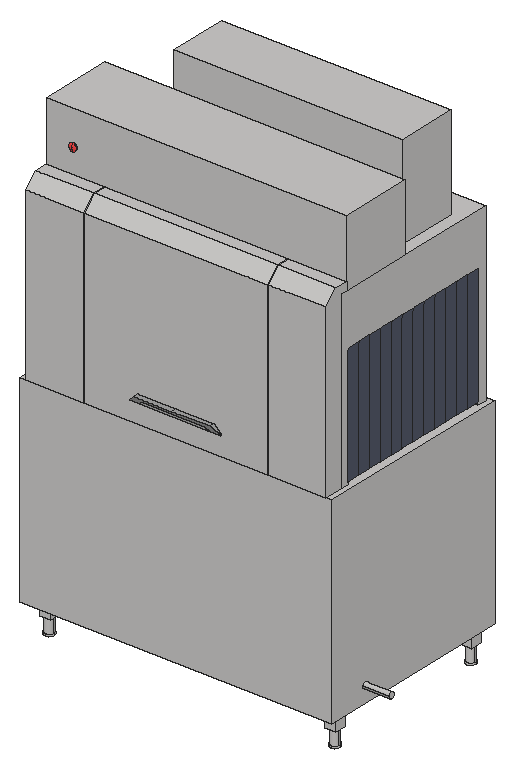
Revit family "QF_ELECTROLUXPROFESSIONAL_520615_ESR20EL3", category Specialty Equipment, Revit 2018
Family settings
  Round Connector Dimension = Use Diameter
  Part Type = Normal
  Work Plane-Based = No
  Always vertical = Yes
  Cut with Voids When Loaded = No
  Shared = No
  Room Calculation Point = No
Parameters (values of type "Standard")
  Weight = 258.00 kg
  Watts = 0 W
  Volts = 220 V
  URL Manufacturer = "http://professional.electrolux.com"
  URL = "http://professional.electrolux.com"
  Steam Supply Size = 0 mm
  Steam Supply Minimum Pressure = 0.0 Pa
  Steam Supply Maximum Pressure = 0.0 Pa
  Steam Pounds per Hour = 0
  Show Clearance [instance] = yes
  Refrigeration Suction Line Size = 0 mm
  Refrigeration Liquid Line Size = 0 mm
  Refrigerant Compressor Remote = yes
  Manufacturer = "Electrolux Professional"
  Phase = 3
  Model = "ESR20EL3"
  Length Actual = 1148 mm  # constant formula
  L_R [instance] = yes
  Item Number = "520615"
  Hot Water Size = 0 mm
  Height Actual = 1846 mm  # constant formula
  HP = "37.5 HP"
  Gas Size = 0 mm
  Gas KW = 0
  Gas Input Pressure = 0 W
  Direct Waste Size = 50.8 mm
  Description = "SINGLE RINSE RACK TYPE DISHWASHER,200 RACKS/HOUR,ELECTRIC,L>R,220-240V/60HZ/3"
  Depth Actual = 800 mm  # constant formula
  Cycle = 60 Hz
  Condensate Return Size = 0 mm
  Compressed Air Volume = 0.0 L/s
  Compressed Air Size = 0 mm
  Compressed Air Pressure = 0.0 Pa
  Cold Water Size = 0 mm
  Accessory = yes
Types (2, lengths in mm): name | URL | Manufacturer | Phase | Model | Description
  (no name) | 0 | 0 | 0 | 0 | 0
  Standard | "http://professional.electrolux.com" | "Electrolux Professional" | 3 | "ESR20EL3" | "SINGLE RINSE RACK TYPE DISHWASHER,200 RACKS/HOUR,ELECTRIC,L>R,220-240V/60HZ/3"
Values of the unnamed type that differ from the named types
  Volts = 0 V
  URL Manufacturer = ""
  Item Number = ""
  Cycle = 0 Hz
Reference planes
  plane 1 "Centro (Fronte/Retro)": y = 0
  plane 2: z = 0
  plane 3 "Centro (Sinistra/Destra)": x = 0
  plane 4 "LEFT": x = -574
  plane 5 "RIGHT": x = 574
  plane 6 "BACK": y = 384
  plane 7 "FRONT": y = -384
  plane 8: z = 120
  plane 9: z = 1747
  plane 10: z = 858
  plane 11: z = 1501
  plane 12: z = 1846
  plane 13: x = -526
  plane 14: x = 526
  plane 15: y = -290
  plane 16: y = 336
  plane 17: y = 369
  plane 18: x = -553
  plane 19: x = 553
  plane 20: y = -318
  plane 21: x = -338
  plane 22: x = 338
  plane 23: z = 1308
  plane 24: z = 2000
  plane 25: y = 464
Forms (mm)
  Extrusion 1, solid, material "QF_Finishes_Stainless Steel"
    sketch origin (0, 0, 0) x (1, 0, 0) y (0, 1, 0)
      loop
        line (-574, 384) -> (-574, -364) -> (574, -364) -> (574, 384) -> (-574, 384)
    from 120 to 858
  Extrusion 2, solid, material "QF_Finishes_Stainless Steel"
    sketch origin (0, 0, 0) x (1, 0, 0) y (0, 1, 0)
      loop
        line (-553, 369) -> (-553, -298) -> (553, -298) -> (553, 369) -> (-553, 369)
    from 858 to 1501
  Extrusion 3, solid, material "QF_Finishes_Stainless Steel"
    sketch origin (0, 20, 0) x (0, 1, 0) y (0, 0, 1)
      loop
        line (-384, 858) -> (-318, 858) -> (-318, 1501) -> (-290, 1501) -> (-290, 1531) -> (-340, 1531) -> (-384, 1487) -> (-384, 858)
    from -553 to -338
  Extrusion 4, solid, material "QF_Finishes_Stainless Steel"
    sketch origin (500, 20, 0) x (0, 1, 0) y (0, 0, 1)
      loop
        line (-384, 858) -> (-318, 858) -> (-318, 1501) -> (-290, 1501) -> (-290, 1531) -> (-340, 1531) -> (-384, 1487) -> (-384, 858)
    from -162 to 53
  Extrusion 5, solid, material "QF_Finishes_Stainless Steel"
    sketch origin (540, 20, 0) x (0, 1, 0) y (0, 0, 1)
      loop
        line (-384, 858) -> (-318, 858) -> (-318, 1501) -> (-290, 1501) -> (-290, 1531) -> (-340, 1531) -> (-384, 1487) -> (-384, 858)
    from -878 to -202
  Extrusion 6, solid, material "QF_Finishes_Gray"
    sketch origin (540, -364, 858) x (0, 0, 1) y (-1, 0, 0)
      loop
        line (100, 540) -> (100, 680) -> (71.716, 708.284) -> (71.716, 371.716) -> (100, 400) -> (100, 540)
    from 0 to 20
  Extrusion 7, void
    sketch origin (540, -384, 858) x (0, 0, -1) y (-1, 0, 0)
      loop
        line (-71.716, 670) -> (-85.858, 655.858) -> (-85.858, 540) -> (-85.858, 424.142) -> (-71.716, 410) -> (-71.716, 670)
    from 0 to 15.552
  Extrusion 8, void
    sketch origin (0, 0, 0) x (0, 1, 0) y (0, 0, 1)
      loop
        line (-368.448, 929.716) -> (-384, 958) -> (-384, 929.716) -> (-368.448, 929.716)
    from -266.002 to 250
  Extrusion 9, solid, material "QF_Finishes_Stainless Steel"
    sketch origin (0, 0, 0) x (1, 0, 0) y (0, 1, 0)
      loop
        line (-553, -270) -> (553, -270) -> (553, 0) -> (-553, 0) -> (-553, -270)
    from 1501 to 1747
  Revolve 10, solid, material "QF_Finishes_Red"
    sketch origin (-450, 0, 0) x (0, 1, 0) y (0, 0, 1)
      loop
        line (-270, 1624.5) -> (-270, 1629.5) -> (-275.578, 1629.5) -> (-275.578, 1638.673) -> (-276.708, 1638.673)
        arc (-276.708, 1638.673) -> (-279.647, 1631.859) -> (-280.606, 1624.5) r 26.817
        line (-280.606, 1624.5) -> (-270, 1624.5)
      axis (-270, 1624.5) -> (-280.606, 1624.5)
    angle from 0 to 360
  Extrusion 11, solid, material "QF_Finishes_Stainless Steel"
    sketch origin (0, 0, 0) x (1, 0, 0) y (0, 1, 0)
      loop
        line (509, 42) -> (509, 265) -> (-334, 265) -> (-334, 42) -> (509, 42)
    from 1501 to 1846
  Extrusion 12, void
    sketch origin (-553, -318, 0) x (0, -1, 0) y (0, 0, -1)
      loop
        line (-654, -1308) -> (-53, -1308) -> (-53, -858) -> (-654, -858) -> (-654, -1308)
    from 0 to 1106
  Extrusion 13, solid, material "QF_Finishes_Navy Blue"
    sketch origin (-553, -318, 0) x (0, 1, 0) y (0, 0, -1)
      loop
        line (653, -1308) -> (653, -868) -> (604, -868) -> (604, -1308) -> (653, -1308)
      loop
        line (53, -1308) -> (102, -1308) -> (102, -868) -> (53, -868) -> (53, -1308)
      loop
        line (602, -868) -> (554, -868) -> (554, -1308) -> (602, -1308) -> (602, -868)
      loop
        line (552, -868) -> (504, -868) -> (504, -1308) -> (552, -1308) -> (552, -868)
      loop
        line (502, -868) -> (454, -868) -> (454, -1308) -> (502, -1308) -> (502, -868)
      loop
        line (452, -868) -> (404, -868) -> (404, -1308) -> (452, -1308) -> (452, -868)
      loop
        line (402, -868) -> (354, -868) -> (354, -1308) -> (402, -1308) -> (402, -868)
      loop
        line (352, -868) -> (304, -868) -> (304, -1308) -> (352, -1308) -> (352, -868)
      loop
        line (302, -868) -> (254, -868) -> (254, -1308) -> (302, -1308) -> (302, -868)
      loop
        line (252, -868) -> (204, -868) -> (204, -1308) -> (252, -1308) -> (252, -868)
      loop
        line (202, -868) -> (154, -868) -> (154, -1308) -> (202, -1308) -> (202, -868)
      loop
        line (152, -868) -> (104, -868) -> (104, -1308) -> (152, -1308) -> (152, -868)
    from 0 to -3
  Extrusion 14, solid, material "QF_Finishes_Navy Blue"
    sketch origin (553, -318, 0) x (0, 1, 0) y (0, 0, 1)
      loop
        line (653, 1308) -> (604, 1308) -> (604, 868) -> (653, 868) -> (653, 1308)
      loop
        line (53, 1308) -> (53, 868) -> (102, 868) -> (102, 1308) -> (53, 1308)
      loop
        line (602, 868) -> (602, 1308) -> (554, 1308) -> (554, 868) -> (602, 868)
      loop
        line (552, 868) -> (552, 1308) -> (504, 1308) -> (504, 868) -> (552, 868)
      loop
        line (502, 868) -> (502, 1308) -> (454, 1308) -> (454, 868) -> (502, 868)
      loop
        line (452, 868) -> (452, 1308) -> (404, 1308) -> (404, 868) -> (452, 868)
      loop
        line (402, 868) -> (402, 1308) -> (354, 1308) -> (354, 868) -> (402, 868)
      loop
        line (352, 868) -> (352, 1308) -> (304, 1308) -> (304, 868) -> (352, 868)
      loop
        line (302, 868) -> (302, 1308) -> (254, 1308) -> (254, 868) -> (302, 868)
      loop
        line (252, 868) -> (252, 1308) -> (204, 1308) -> (204, 868) -> (252, 868)
      loop
        line (202, 868) -> (202, 1308) -> (154, 1308) -> (154, 868) -> (202, 868)
      loop
        line (152, 868) -> (152, 1308) -> (104, 1308) -> (104, 868) -> (152, 868)
    from 0 to -3
  Extrusion 15, solid, material "QF_Door-Drawer Clearances", visible <- "Show Clearance", detail levels coarse
    sketch origin (453, -119.301, 494.86) x (0, 1, 0) y (0, 0, 1)
      loop
        line (-178.699, 1036.14) -> (-178.699, 1475.14) -> (-150.699, 1475.14) -> (-150.699, 1505.14) -> (-200.699, 1505.14) -> (-244.699, 1461.14) -> (-244.699, 992.14) -> (-200.699, 1036.14) -> (-178.699, 1036.14)
    from -791 to -115
  Extrusion 16, solid, material "QF_Clearance", visible <- "Show Clearance", detail levels coarse
    sketch origin (0, 0, 0) x (1, 0, 0) y (0, 1, 0)
      loop
        line (-574, 384) -> (574, 384) -> (574, 464) -> (-574, 464) -> (-574, 384)
    from 0 to 1846
  Extrusion 17, solid, material "QF_Finishes_Stainless Steel"
    sketch origin (-553, -318, 0) x (0, 1, 0) y (0, 0, -1)
      loop
        circle (104, -183) r 10
    from 21 to 121
  Extrusion 18, solid, material "QF_Finishes_Stainless Steel"
    sketch origin (553, -318, 0) x (0, 1, 0) y (0, 0, 1)
      loop
        circle (104, 183) r 10
    from 21 to 121
  Extrusion 19, solid, material "QF_Finishes_Stainless Steel"
    sketch origin (487.887, 0, -4.4) x (-1, 0, 0) y (0, 0, 1)
      loop
        circle (943.887, 1646.362) r 10
    from 0 to 35
  Extrusion 20, solid, material "QF_Finishes_Stainless Steel"
    sketch origin (-335, 265, 6.038) x (1, 0, 0) y (0, 0, -1)
      loop
        circle (204, -1740.962) r 10
    from 0 to 10
Cuts and joins
  Extrusion 7, Extrusion 12 cuts Extrusion 2
  Extrusion 7 cuts Extrusion 5
  Extrusion 7, Extrusion 8 cuts Extrusion 6
  Extrusion 12 cuts Extrusion 1
Lines and regions (mm)
  Split face 1
    outline origin (-553, -270, 0) x (1, 0, 0) y (0, 0, 1)
      loop
        line (215, 1501) -> (215, 1747)
      loop
        line (891, 1501) -> (891, 1747)
  Split face 2
    outline origin (-553, -270, 0) x (1, 0, 0) y (0, 0, 1)
      loop
        line (215, 1651) -> (310, 1651) -> (348.837, 1604.716) -> (553, 1604.716) -> (757.163, 1604.716) -> (796, 1651) -> (891, 1651)
  Split face 3
    outline origin (-553, -270, 0) x (1, 0, 0) y (0, 0, 1)
      loop
        line (482.982, 1651) -> (482.982, 1631) -> (512.982, 1631) -> (512.982, 1651) -> (482.982, 1651)
  Split face 4
    outline origin (553, -270, 0) x (-1, 0, 0) y (0, 0, -1)
      loop
        line (455.982, -1651) -> (485.982, -1651) -> (485.982, -1631) -> (455.982, -1631) -> (455.982, -1651)
  symbolic lines
    curve 1: line (-334, 265, 0) -> (509, 265, 0)
    curve 2: line (-334, 42, 0) -> (-334, 265, 0)
    curve 3: line (509, 42, 0) -> (-334, 42, 0)
    curve 4: line (509, 265, 0) -> (509, 42, 0)
    curve 5: line (-574, 384, 0) -> (574, 384, 0)
    curve 6: line (574, 384, 0) -> (574, -364, 0)
    curve 7: line (574, -364, 0) -> (-574, -364, 0)
    curve 8: line (-574, -364, 0) -> (-574, 384, 0)
    curve 9: line (-553, -364, 0) -> (-553, 369, 0)
    curve 10: line (-553, 369, 0) -> (553, 369, 0)
    curve 11: line (553, 369, 0) -> (553, -364, 0)
    curve 12: line (553, -320, 0) -> (-553, -320, 0)
    curve 13: line (-338, -364, 0) -> (-338, -270, 0)
    curve 14: line (-553, -270, 0) -> (553, -270, 0)
    curve 15: line (338, -364, 0) -> (338, -270, 0)
    curve 16: line (526, 0, 0) -> (-553, 0, 0)
    curve 23: line (-168.284, -364, 0) -> (-168.284, -368.448, 0)
    curve 24: line (-168.284, -368.448, 0) -> (-140, -384, 0)
    curve 25: line (-140, -384, 0) -> (140, -384, 0)
    curve 26: line (140, -384, 0) -> (168.284, -368.448, 0)
    curve 27: line (168.284, -368.448, 0) -> (168.284, -364, 0)
  symbolic lines, style "QF_Clearances"
    curve 17: line (-574, 384, 0) -> (-574, 464, 0)
    curve 18: line (-574, 464, 0) -> (574, 464, 0)
    curve 19: line (574, 384, 0) -> (574, 464, 0)
  symbolic lines, style "SpecialityEquipment"
    curve 20: line (100, 129, 0) -> (-100, 129, 0)
  symbolic lines, style "SpecialityEquipment", visible <- "L_R"
    curve 21: line (100, 129, 0) -> (50.207, 87.219, 0)
    curve 22: line (100, 129, 0) -> (50.207, 170.781, 0)
Dimensions and locks
  equal spacing: plane 4 "LEFT", plane 3 "Centro (Sinistra/Destra)", plane 5 "RIGHT"
  plane 4 "LEFT" to plane 5 "RIGHT" = 1148 mm
  equal spacing: plane 6 "BACK", plane 1 "Centro (Fronte/Retro)", plane 7 "FRONT"
  plane 6 "BACK" to plane 7 "FRONT" = 768 mm
  plane 12 to plane 9 to plane 11 to plane 10 to plane 8 to plane 2 = 99 mm, 246 mm, 643 mm, 738 mm, 120 mm
  plane 12 to plane 2 = 1846 mm
  locked: plane 4 "LEFT" to plane 13 at 48
  locked: plane 14 to plane 5 "RIGHT" at 48
  locked: plane 6 "BACK" to plane 16 at 48
  locked: plane 15 to plane 7 "FRONT" at 94
  locked: plane 6 "BACK" to plane 17 at 15
  locked: plane 4 "LEFT" to plane 18 at 21
  locked: plane 19 to plane 5 "RIGHT" at 21
  locked: plane 20 to plane 7 "FRONT" at 66
  locked: plane 21 to plane 18 at 215
  locked: plane 19 to plane 22 at 215
  locked: plane 23 to plane 10 at 450
  plane 24 to plane 2 = 2000 mm
  locked: plane 6 "BACK" to plane 25 at 80
  plane 9 to plane 2 = 1747 mm
  aligned and locked: level to plane 2
  aligned and locked: plane 13 to nested 1
  aligned and locked: nested 1 to plane 15
  aligned and locked: nested 2 to plane 16
  aligned and locked: plane 14 to nested 3
  aligned and locked: nested 4 to plane 16
  aligned and locked: plane 14 to nested 4
  aligned and locked: Extrusion 1 sketch curve to plane 6 "BACK"
  aligned and locked: plane 4 "LEFT" to Extrusion 1 sketch curve
  aligned and locked: Extrusion 1 sketch curve to plane 5 "RIGHT"
  aligned and locked: plane 18 to Extrusion 2 sketch curve
  aligned and locked: Extrusion 2 sketch curve to plane 19
  aligned and locked: Extrusion 2 sketch curve to plane 17
  aligned and locked: Extrusion 3 to plane 18
  aligned and locked: plane 21 to Extrusion 3
  aligned and locked: plane 19 to Extrusion 4
  aligned and locked: Extrusion 4 to plane 22
  aligned and locked: Extrusion 5 to plane 21
  aligned and locked: plane 22 to Extrusion 5
  aligned and locked: Extrusion 2 to Extrusion 3
  aligned and locked: Extrusion 1 to Extrusion 3
  aligned and locked: Extrusion 9 sketch curve to Extrusion 3
  aligned and locked: Extrusion 9 sketch curve to plane 18
  aligned and locked: Extrusion 9 sketch curve to plane 1 "Centro (Fronte/Retro)"
  aligned and locked: plane 19 to Extrusion 12
  aligned and locked: plane 4 "LEFT" to Extrusion 17
  aligned and locked: plane 19 to Extrusion 9
  aligned and locked: Extrusion 16 to plane 25
  aligned and locked: plane 9 to Extrusion 9
Automatic sketch dimensions
  Extrusion 6 sketch curve to plane 3 "Centro (Sinistra/Destra)" = 0 mm
  plane 10 to Extrusion 6 sketch curve = 71.716 mm
  Extrusion 6 sketch curve to Extrusion 6 sketch curve = 28.284 mm  (x3)
  plane 3 "Centro (Sinistra/Destra)" to Extrusion 6 sketch curve = 140 mm
  Extrusion 6 sketch curve to Extrusion 6 sketch curve = 140 mm
  Extrusion 7 sketch curve to Extrusion 6 = 0 mm
  Extrusion 6 to Extrusion 7 sketch curve = 14.142 mm
  Extrusion 6 to Extrusion 7 sketch curve = 27.071 mm
  Extrusion 7 sketch curve to Extrusion 7 sketch curve = 14.142 mm  (x2)
  Extrusion 7 sketch curve to Extrusion 7 sketch curve = 115.858 mm  (x2)
  Split face 2 sketch curve to Split face 2 sketch curve = 38.837 mm  (x2)
  Split face 2 sketch curve to Split face 2 sketch curve = 204.163 mm  (x2)
  Split face 2 sketch curve to Split face 2 sketch curve = 95 mm  (x2)
  Split face 3 sketch curve to Split face 3 sketch curve = 30 mm
  Split face 3 sketch curve to Split face 3 sketch curve = 20 mm
  Split face 4 sketch curve to Split face 4 sketch curve = 30 mm
  Split face 4 sketch curve to Split face 4 sketch curve = 20 mm
  Split face 1 sketch curve to Split face 1 sketch curve = 676 mm
  Split face 1 sketch curve to Split face 1 sketch curve = 0 mm
  Split face 1 sketch curve to Split face 1 sketch curve = 246 mm  (x2)
  Split face 2 sketch curve to Split face 2 sketch curve = 46.284 mm  (x2)
  plane 13 to Extrusion 19 sketch curve = 70 mm
  Extrusion 19 sketch curve to plane 9 = 105.038 mm
  plane 7 "FRONT" to Extrusion 1 sketch curve = 20 mm
  Extrusion 2 sketch curve to plane 15 = 8 mm
  Extrusion 3 sketch curve to plane 10 = 0 mm
  Extrusion 3 sketch curve to plane 11 = 0 mm
  plane 7 "FRONT" to Extrusion 3 sketch curve = 20 mm
  Extrusion 3 sketch curve to plane 20 = 2 mm
  Extrusion 3 sketch curve to plane 15 = 8 mm
  plane 15 to Extrusion 3 sketch curve = 20 mm
  Extrusion 3 sketch curve to plane 11 = 14 mm
  plane 11 to Extrusion 3 sketch curve = 30 mm
  Extrusion 4 sketch curve to plane 10 = 0 mm
  Extrusion 4 sketch curve to plane 11 = 0 mm
  plane 7 "FRONT" to Extrusion 4 sketch curve = 20 mm
  Extrusion 4 sketch curve to plane 20 = 2 mm
  Extrusion 4 sketch curve to plane 15 = 8 mm
  plane 15 to Extrusion 4 sketch curve = 20 mm
  Extrusion 4 sketch curve to plane 11 = 14 mm
  plane 11 to Extrusion 4 sketch curve = 30 mm
  Extrusion 5 sketch curve to plane 10 = 0 mm
  Extrusion 5 sketch curve to plane 11 = 0 mm
  plane 7 "FRONT" to Extrusion 5 sketch curve = 20 mm
  Extrusion 5 sketch curve to plane 20 = 2 mm
  Extrusion 5 sketch curve to plane 15 = 8 mm
  plane 15 to Extrusion 5 sketch curve = 20 mm
  Extrusion 5 sketch curve to plane 11 = 14 mm
  plane 11 to Extrusion 5 sketch curve = 30 mm
  Extrusion 8 sketch curve to plane 7 "FRONT" = 0 mm
  plane 7 "FRONT" to Extrusion 8 sketch curve = 15.552 mm
  plane 10 to Extrusion 8 sketch curve = 71.716 mm
  Extrusion 8 sketch curve to Extrusion 8 sketch curve = 28.284 mm
  Extrusion 9 sketch curve to plane 19 = 0 mm
  plane 15 to Revolve 10 sketch curve = 9.394 mm
  plane 15 to Revolve 10 sketch curve = 13.292 mm
  Revolve 10 sketch curve to Revolve 10 sketch curve = 5.028 mm
  Revolve 10 sketch curve to Revolve 10 sketch curve = 5.578 mm
  Revolve 10 sketch curve to Revolve 10 sketch curve = 16.21 mm
  Revolve 10 sketch curve to plane 9 = 122.5 mm  (x2)
  Revolve 10 sketch curve to Revolve 10 sketch curve = 0.248 mm
  Revolve 10 sketch curve to Revolve 10 sketch curve = 5 mm
  Revolve 10 sketch curve to plane 7 "FRONT" = 66 mm
  Revolve 10 sketch curve to Revolve 10 sketch curve = 0 mm
  plane 21 to Extrusion 11 sketch curve = 4 mm
  Extrusion 11 sketch curve to plane 14 = 17 mm
  Extrusion 11 sketch curve to plane 1 "Centro (Fronte/Retro)" = 42 mm
  Extrusion 11 sketch curve to plane 16 = 71 mm
  Extrusion 2 to Extrusion 12 sketch curve = 0 mm
  Extrusion 12 sketch curve to Extrusion 2 = 33 mm
  Extrusion 2 to Extrusion 12 sketch curve = 33 mm
  Extrusion 12 sketch curve to Extrusion 2 = 193 mm
  Extrusion 2 to Extrusion 13 sketch curve = 10 mm  (x9)
  Extrusion 13 sketch curve to Extrusion 2 = 33 mm
  Extrusion 13 sketch curve to Extrusion 13 sketch curve = 49 mm
  Extrusion 13 sketch curve to Extrusion 13 sketch curve = 2 mm  (x11)
  Extrusion 13 sketch curve to Extrusion 13 sketch curve = 48 mm  (x10)
  Extrusion 2 to Extrusion 13 sketch curve = 34 mm
  Extrusion 13 sketch curve to Extrusion 13 sketch curve = 0 mm  (x13)
  Extrusion 2 to Extrusion 13 sketch curve = 193 mm  (x2)
  Extrusion 14 sketch curve to plane 23 = 0 mm  (x12)
  plane 10 to Extrusion 14 sketch curve = 10 mm  (x9)
  plane 15 to Extrusion 14 sketch curve = 25 mm
  Extrusion 14 sketch curve to Extrusion 14 sketch curve = 49 mm
  Extrusion 14 sketch curve to Extrusion 14 sketch curve = 2 mm  (x11)
  Extrusion 14 sketch curve to Extrusion 14 sketch curve = 48 mm  (x8)
  plane 1 "Centro (Fronte/Retro)" to Extrusion 14 sketch curve = 16 mm
  Extrusion 14 sketch curve to plane 1 "Centro (Fronte/Retro)" = 34 mm
  Extrusion 14 sketch curve to plane 16 = 1 mm
  Extrusion 14 sketch curve to Extrusion 14 sketch curve = 0 mm  (x3)
  Extrusion 15 sketch curve to plane 24 = 0 mm
  plane 7 "FRONT" to Extrusion 15 sketch curve = 20 mm
  Extrusion 15 sketch curve to plane 20 = 2 mm  (x2)
  Extrusion 15 sketch curve to plane 15 = 8 mm
  plane 15 to Extrusion 15 sketch curve = 20 mm
  Extrusion 15 sketch curve to plane 24 = 30 mm
  Extrusion 15 sketch curve to plane 24 = 44 mm
  plane 11 to Extrusion 15 sketch curve = 30 mm
  Extrusion 15 sketch curve to plane 11 = 14 mm
  Extrusion 16 sketch curve to plane 4 "LEFT" = 0 mm
  Extrusion 16 sketch curve to plane 5 "RIGHT" = 0 mm
  Extrusion 16 sketch curve to plane 6 "BACK" = 0 mm
  plane 25 to Extrusion 16 sketch curve = 0 mm
  Extrusion 17 sketch curve to Extrusion 2 = 84 mm
  Extrusion 17 sketch curve to Extrusion 2 = 675 mm
  plane 15 to Extrusion 18 sketch curve = 76 mm
  plane 8 to Extrusion 18 sketch curve = 63 mm
  Extrusion 20 sketch curve to Extrusion 11 = 203 mm
  Extrusion 11 to Extrusion 20 sketch curve = 99 mm
  curve 18 to plane 4 "LEFT" = 0 mm
  curve 12 to plane 18 = 0 mm
  curve 13 to plane 21 = 0 mm
  curve 25 to plane 7 "FRONT" = 0 mm
  curve 15 to plane 22 = 0 mm
  plane 1 "Centro (Fronte/Retro)" to curve 16 = 0 mm
  curve 16 to plane 14 = 0 mm
  plane 17 to curve 11 = 0 mm
  curve 11 to plane 19 = 0 mm
  curve 5 to plane 5 "RIGHT" = 0 mm
  curve 5 to plane 6 "BACK" = 0 mm
  plane 25 to curve 18 = 0 mm
  plane 21 to curve 2 = 4 mm
  plane 7 "FRONT" to curve 24 = 15.552 mm
  curve 24 to plane 3 "Centro (Sinistra/Destra)" = 168.284 mm
  curve 23 to curve 25 = 28.284 mm
  plane 3 "Centro (Sinistra/Destra)" to curve 21 = 100 mm
  plane 3 "Centro (Sinistra/Destra)" to curve 25 = 140 mm
  curve 4 to plane 14 = 17 mm
  curve 2 to plane 1 "Centro (Fronte/Retro)" = 42 mm
  curve 22 to plane 1 "Centro (Fronte/Retro)" = 129 mm
  curve 1 to plane 16 = 71 mm
  curve 20 to plane 3 "Centro (Sinistra/Destra)" = 100 mm
  plane 3 "Centro (Sinistra/Destra)" to curve 22 = 50.207 mm
  plane 3 "Centro (Sinistra/Destra)" to curve 21 = 50.207 mm
  curve 25 to curve 27 = 28.284 mm
  plane 7 "FRONT" to curve 26 = 15.552 mm
  curve 26 to curve 27 = 4.448 mm
  curve 12 to plane 20 = 2 mm
  plane 15 to curve 15 = 20 mm
  curve 21 to curve 20 = 41.781 mm
  curve 20 to curve 22 = 41.781 mm
  radius of Extrusion 19 sketch curve = 10 mm
  radius of Extrusion 17 sketch curve = 10 mm
  radius of Extrusion 18 sketch curve = 10 mm
  radius of Extrusion 20 sketch curve = 10 mm
Nested families
  nested 1: "Foot_40x40_H150" at (-526, -290, 0), type "Foot_40x40_H150"
  nested 2: "Foot_40x40_H150" at (-526, 336, 0), type "Foot_40x40_H150"
  nested 3: "Foot_40x40_H150" at (526, -290, 0), type "Foot_40x40_H150"
  nested 4: "Foot_40x40_H150" at (526, 336, 0), type "Foot_40x40_H150"
Connectors
  piping at (-674, -214, 183), diameter 20
    settings: on Extrusion 17, index 1, connector inside diameter 609.6 mm, connector length 0 mm, flow factor 0, pipe flow 0.0 L/s, pressure drop 0.0 Pa, fitting loss kfactor 0, connector angle 0.00°, fixture units 0, engagement length 0 mm, angle of deflection 0.00°, flow configuration 1, flow direction 2, fitting loss method 0, system type 16, joint type 0, gender type 0, connector reference index -1, connector utility 0, adjustable connector no, is connector primary yes, connector description "Drain"
  piping at (674, -214, 183), diameter 20
    settings: on Extrusion 18, index 2, connector inside diameter 609.6 mm, connector length 0 mm, flow factor 0, pipe flow 0.0 L/s, pressure drop 0.0 Pa, fitting loss kfactor 0, connector angle 0.00°, fixture units 0, engagement length 0 mm, angle of deflection 0.00°, flow configuration 1, flow direction 2, fitting loss method 0, system type 16, joint type 0, gender type 0, connector reference index -1, connector utility 0, adjustable connector no, is connector primary no, connector description "Drain"
  electrical at (-456, 35, 1641.962)
    settings: on Extrusion 19, index 3, voltage 0 V, apparent load 0 VA, apparent load phase1 0 VA, apparent load phase2 0 VA, apparent load phase3 0 VA, power factor 1, load classification "Altro", number of poles 1, system type 30, power factor state 1, is connector primary yes, connector utility no, sub classification motor no, connector description "Electrical"
  piping at (-131, 275, 1747), diameter 609.6
    settings: on Extrusion 20, index 4, connector inside diameter 609.6 mm, connector length 0 mm, flow factor 0, pipe flow 0.0 L/s, pressure drop 0.0 Pa, fitting loss kfactor 0, connector angle 0.00°, fixture units 0, engagement length 0 mm, angle of deflection 0.00°, flow configuration 0, flow direction 0, fitting loss method 0, system type 20, joint type 0, gender type 0, connector reference index -1, connector utility 0, adjustable connector no, is connector primary no, connector description "Cold Water"
Definition of nested family "Foot_40x40_H150"
  Reference planes
    plane 1 "Centro (Fronte/Retro)": y = 0
    plane 2: z = 0
    plane 3 "Centro (Sinistra/Destra)": x = 0
    plane 4: z = 120
  Forms (mm)
    Extrusion 1, solid
      sketch origin (0, 0, 0) x (1, 0, 0) y (0, 1, 0)
        loop
          circle (0, 0) r 18
      from 0 to 5
    Extrusion 2, solid
      sketch origin (0, 0, 5) x (1, 0, 0) y (0, 1, 0)
        loop
          circle (0, 0) r 15
      from 0 to 55
    Extrusion 3, solid
      sketch origin (0, 0, 60) x (1, 0, 0) y (0, 1, 0)
        loop
          line (-20, 20) -> (-20, -20) -> (20, -20) -> (20, 20) -> (-20, 20)
      from 0 to 60
  Dimensions and locks
    aligned and locked: level to plane 2
    aligned and locked: plane 4 to Extrusion 3
    aligned and locked: Extrusion 1 to level
